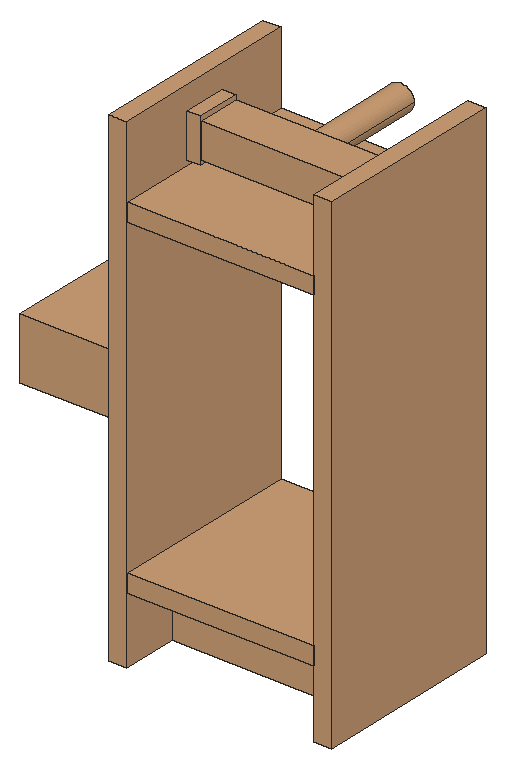
Revit family
Parameters
  Center Of Unit = 0' - 0"  # constant formula
  Water Pressure Drop [instance] = 0.00 psi
  Water Flow [instance] = 0 GPM
  Unit Weight (lbs) = 257
  URL = "http://www.ljwing.com/"
  Water Outlet Radius = 0' - 1 1/2"
  Water Outlet Odd sizes = 0' - 0"
  Total Heating Capacity [instance] = 0.0 Btu/h
  Temperature Rise [instance] = 0 °F
  Series = "VIFB"
  Outlet Area = 5.36 SF
  Number of Rows = 1  # constant formula
  Number of Coils [instance] = 0
  Nominal Length = 2' - 1 7/16"
  Model = "VB-2"
  Manufacturer = "LJ Wing"
  Leaving Water Temperature [instance] = 0 °F
  Leaving Air Temperature [instance] = 0 °F
  Face Velocity (FPM) [instance] = 0
  Entering Water Temperature [instance] = 0 °F
  Entering Air Temperature [instance] = 0 °F
  Description = "Vertical Integral Face & Bypass Water Heating Coils"
  Hot Water Odd Sizes = 0' - 0"
  Hot Water Inlet Offset = 0' - 4 3/8"  # constant formula
  Hot Water Inlet  Radius = 0' - 1 1/2"
  Coil Face Area = Outlet Area * 0.56  # 3.0016 SF
  Casing Material = ""
  Assembly Code = "D3020300"
  Air Pressure Drop [instance] = 0.00 in-wg
  Air Inlet Width = Nominal Length - 0' 4"  # 1' - 9 7/16"
  Air Inlet Height = Y  # 3' - 0"
  Air Flow [instance] = 0 CFM
  Z = 0' - 3 3/4"
  Y = 3' - 0"
  S = 0' - 9 3/4"
  Product URL = "http://www.ljwing.com/html/vifb.asp"
  OmniClass = "23-75 70 21 14"
  Nominal Height = 4' - 8"
  Nominal Depth = 1' - 10"
  R = 0' - 10 1/4"
  Q = 0' - 3 23/32"
  P = 0' - 5 1/8"
  L = 0' - 5 15/16"
Reference planes (in)
  plane 1 "Center (Front/Back)": y = 0
  plane 2: z = -18
  plane 3 "Center (Left/Right)": x = 0
  plane 4: z = 28.25
  plane 5: x = -12.71875
  plane 6: x = 12.71875
  plane 7: z = -27.75
  plane 8: z = 0
  plane 9: y = -11
  plane 10: y = 11
  plane 11: z = 18
  plane 12: z = 20
  plane 13: z = -20
  plane 14: x = 10.71875
  plane 15: x = -10.71875
  plane 16: z = 23.125
  plane 17: z = -21.8125
  plane 18: x = -9
  plane 19: x = 9
  plane 20: y = 14.75
  plane 21: y = 15.375
  plane 22: x = -23.71875
  plane 23: x = 0
  plane 24: x = 0
  plane 25: z = 25.125
  plane 26: z = 21.125
  plane 27: y = -2.5
  plane 28: y = 2.5
  plane 29: y = -4.5
Forms (in)
  Extrusion 1, solid, material "Painted Finish"
    sketch origin (0, 6, -9.75) x (1, 0, 0) y (0, 0, 1)
      loop
        line (-12.71875, -18) -> (-10.71875, -18) -> (-10.71875, 38) -> (-12.71875, 38) -> (-12.71875, -18)
      loop
        line (12.71875, -18) -> (12.71875, 38) -> (10.71875, 38) -> (10.71875, -18) -> (12.71875, -18)
    from -5 to 17
  Extrusion 2, solid, material "Painted Finish"
    sketch origin (0, 6, 0) x (1, 0, 0) y (0, 0, 1)
      loop
        line (10.71875, -18) -> (-10.71875, -18) -> (-10.71875, -20) -> (10.71875, -20) -> (10.71875, -18)
      loop
        line (10.71875, 18) -> (10.71875, 20) -> (-10.71875, 20) -> (-10.71875, 18) -> (10.71875, 18)
    from -5 to 17
  Extrusion 3, solid, material "Painted Finish"
    sketch origin (0, 10, -0.5) x (1, 0, 0) y (0, 0, 1)
      loop
        line (-12.71875, 4) -> (-23.71875, 4) -> (-23.71875, -3) -> (-12.71875, -3) -> (-12.71875, 4)
    from 0 to 20
  Extrusion 4, solid, material "Painted Finish"
    sketch origin (0, 6, 0) x (1, 0, 0) y (0, 0, 1)
      loop
        line (-9.09375, 25.125) -> (-9.09375, 21.125) -> (9.09375, 21.125) -> (9.09375, 25.125) -> (-9.09375, 25.125)
    from 3.5 to 8.5
  Extrusion 5, solid, material "Painted Finish"
    sketch origin (0, 0, 0) x (1, 0, 0) y (0, 0, 1)
      loop
        line (-9.09375, 20.625) -> (-9.09375, 25.625) -> (-10.71875, 25.625) -> (-10.71875, 20.625) -> (-9.09375, 20.625)
      loop
        line (10.71875, 20.625) -> (10.71875, 25.625) -> (9.09375, 25.625) -> (9.09375, 20.625) -> (10.71875, 20.625)
    from -2.5 to 2.5
  Extrusion 6, solid, material "Painted Finish"
    sketch origin (0, 23, 0) x (1, 0, 0) y (0, 0, 1)
      loop
        circle (0, 23.125) r 1.5
    from 8.25 to 20.5
  Extrusion 7, solid, material "Painted Finish"
    sketch origin (0, 6, 0) x (1, 0, 0) y (0, 0, 1)
      loop
        line (-10.71875, -20) -> (-10.71875, -27.75) -> (10.71875, -27.75) -> (10.71875, -20) -> (-10.71875, -20)
    from -5 to 10.5
  Extrusion 8, solid, material "Painted Finish"
    sketch origin (0, 23, 0) x (1, 0, 0) y (0, 0, 1)
      loop
        circle (0, -21.8125) r 1.5
    from 7.625 to 12
  Extrusion 9, void
    sketch origin (0, 0, 0) x (1, 0, 0) y (0, 0, 1)
      loop
        line (-10.71875, 18) -> (-10.71875, -18) -> (10.71875, -18) -> (10.71875, 18) -> (-10.71875, 18)
    from -11 to 11
Cuts and joins
  Extrusion 9 cuts Extrusion 1
  Extrusion 9 cuts Extrusion 2
Dimensions and locks (in)
  "Nominal Length": plane 6 to plane 5
  equal spacing: plane 6, plane 3 "Center (Left/Right)", plane 5
  "S": plane 2 to plane 7
  "Nominal Depth": plane 10 to plane 9
  equal spacing: plane 10, plane 1 "Center (Front/Back)", plane 9
  "Y": plane 11 to plane 2
  "R": plane 4 to plane 11
  locked: plane 12 to plane 11 at 2
  locked: plane 2 to plane 13 at 2
  "P": plane 4 to plane 16
  "L": plane 17 to plane 7
  "Q": plane 18 to plane 5
  "Q": plane 6 to plane 19
  "Z": plane 20 to plane 10
  "Hot Water Inlet Offset": plane 21 to plane 10
  locked: plane 5 to plane 22 at 11
  locked: Extrusion 3 sketch curve to Extrusion 3 sketch curve at 7
  locked: Extrusion 3 to Extrusion 3 at 20
  locked: plane 6 to plane 14 at 2
  locked: plane 15 to plane 5 at 2
  "Water Outlet Odd sizes": plane 23 to plane 3 "Center (Left/Right)"
  "Hot Water Odd Sizes": plane 3 "Center (Left/Right)" to plane 24
  equal spacing: plane 25, plane 16, plane 26
  locked: Extrusion 5 sketch curve to plane 25 at 0.5
  locked: plane 26 to Extrusion 5 sketch curve at 0.5
  locked: Extrusion 6 sketch curve to plane 16 at 0
  locked: Extrusion 6 sketch curve to plane 23 at 0
  locked: Extrusion 8 sketch curve to plane 17 at 0
  locked: Extrusion 8 sketch curve to plane 24 at 0
  locked: plane 25 to plane 26 at 4
  locked: plane 28 to plane 27 at 5
  equal spacing: plane 28, plane 1 "Center (Front/Back)", plane 27
  locked: plane 27 to plane 29 at 2
  plane 4 to plane 7 = 4' - 8"
  locked: Extrusion 5 sketch curve to Extrusion 1 at 1.625
  locked: Extrusion 5 sketch curve to Extrusion 5 sketch curve at 1.625
  locked: Extrusion 9 sketch curve to plane 11 at 0
  locked: Extrusion 9 sketch curve to plane 15 at 0
  locked: Extrusion 9 sketch curve to plane 14 at 0
  locked: Extrusion 9 sketch curve to plane 2 at 0
  equal spacing: plane 11, plane 8, plane 2
  "Water Outlet Radius": radius of Extrusion 6 sketch curve
  "Hot Water Inlet  Radius": radius of Extrusion 8 sketch curve
  aligned and locked: Extrusion 1 to plane 9
  aligned and locked: Extrusion 1 to plane 10
  aligned and locked: plane 15 to Extrusion 1
  aligned and locked: Extrusion 1 to plane 14
  aligned and locked: plane 9 to Extrusion 2
  aligned and locked: plane 9 to Extrusion 1
  aligned and locked: plane 10 to Extrusion 1  (x2)
  aligned and locked: Extrusion 2 to plane 10
  aligned and locked: plane 10 to Extrusion 2  (x2)
  aligned and locked: Extrusion 2 to plane 9  (x2)
  aligned and locked: plane 5 to Extrusion 3
  aligned and locked: Extrusion 5 sketch curve to plane 15
  aligned and locked: Extrusion 5 sketch curve to Extrusion 4
  aligned and locked: Extrusion 6 to plane 20
  aligned and locked: Extrusion 1 to Extrusion 7
  aligned and locked: plane 10 to Extrusion 8
  aligned and locked: Extrusion 8 to plane 21  (x2)
  aligned and locked: plane 27 to Extrusion 5
  aligned and locked: Extrusion 5 to Extrusion 4  (x2)
  aligned and locked: Extrusion 5 to plane 28
  aligned and locked: Extrusion 6 to Extrusion 4
  aligned and locked: Extrusion 7 to plane 29  (x2)
  aligned and locked: Extrusion 8 to Extrusion 7
  aligned and locked: Extrusion 4 to Extrusion 5  (x2)
  aligned and locked: Extrusion 5 to Extrusion 1  (x2)
  aligned and locked: plane 2 to Extrusion 2
  aligned and locked: plane 6 to Extrusion 1 sketch curve
  aligned and locked: plane 14 to Extrusion 1 sketch curve
  aligned and locked: Extrusion 1 sketch curve to plane 15
  aligned and locked: Extrusion 1 sketch curve to plane 5
  aligned and locked: plane 7 to Extrusion 1 sketch curve  (x2)
  aligned and locked: Extrusion 1 sketch curve to plane 4  (x2)
  aligned and locked: Extrusion 2 sketch curve to plane 11
  aligned and locked: Extrusion 2 sketch curve to plane 12
  aligned and locked: Extrusion 2 sketch curve to plane 14  (x2)
  aligned and locked: Extrusion 2 sketch curve to plane 15  (x2)
  aligned and locked: Extrusion 2 sketch curve to plane 13
  aligned and locked: plane 2 to Extrusion 2 sketch curve
  aligned and locked: plane 13 to Extrusion 7 sketch curve
  aligned and locked: Extrusion 7 sketch curve to plane 7
  aligned and locked: Extrusion 7 sketch curve to plane 14
  aligned and locked: plane 15 to Extrusion 7 sketch curve
  aligned and locked: cut or joined group of Extrusion 1, Extrusion 9 to plane 10
Automatic sketch dimensions
  Extrusion 3 sketch curve to plane 22 = 0' - 0"
  Extrusion 3 sketch curve to plane 5 = 0' - 0"
  plane 8 to Extrusion 3 sketch curve = 0' - 3 1/2"
  Extrusion 4 sketch curve to plane 25 = 0' - 0"
  Extrusion 4 sketch curve to plane 26 = 0' - 0"
  Extrusion 4 sketch curve to plane 18 = 0' - 0 3/32"
  plane 19 to Extrusion 4 sketch curve = 0' - 0 3/32"
  plane 26 to Extrusion 5 sketch curve = 0' - 0 1/2"
  Extrusion 5 sketch curve to plane 25 = 0' - 0 1/2"
Connectors (in)
  hvac at (0, -11, 0), driven by "Air Inlet Height", driven by "Air Inlet Width", driven by "Air Flow", driven by "Air Pressure Drop"
    settings: on Extrusion 9, index 1
  hvac at (0, 11, 0), driven by "Air Pressure Drop", driven by "Air Inlet Height", driven by "Air Inlet Width", driven by "Air Flow"
    settings: on Extrusion 9, index 2
  piping at (0, 14.75, 23.125), driven by "Water Flow", driven by "Water Outlet Radius", driven by "Water Pressure Drop"
    settings: on Extrusion 6, index 3
  piping at (0, 15.375, -21.8125), driven by "Water Flow", driven by "Water Pressure Drop", driven by "Hot Water Inlet  Radius"
    settings: on Extrusion 8, index 4
